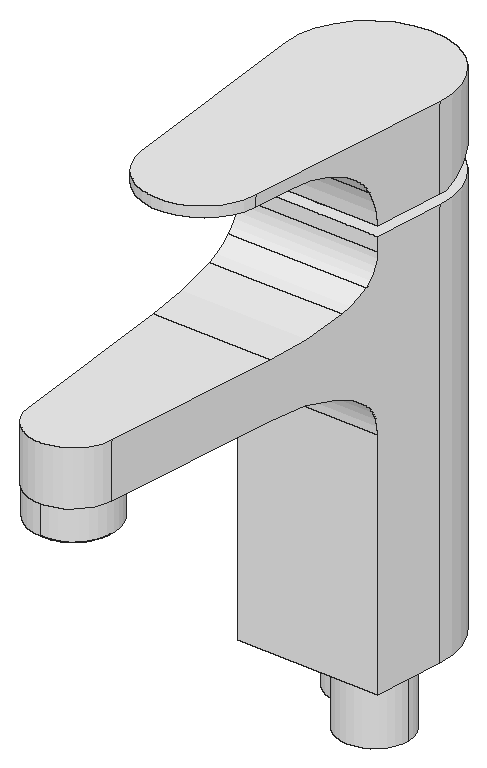
Revit family "Mixer-Basin-Dorf Viridian", category Plumbing Fixtures, host Face, Revit 2013
Parameters (values of type "Standard")
  Waste Connection = no
  Vent Connection = no
  URL = "http://www.dorf.com.au/"
  Type Comments = "Dorf Viridian Basin Mixer"  # constant formula
  ModifiedIssue_ANZRS = 1  # constant formula
  Model = "811010C5A"  # constant formula
  Material_ANZRS = Metal-Chrome-Caroma
  Manufacturer = "GWA Bathrooms & Kitchens"  # constant formula
  HWFU = 1  # constant formula
  HW Connection = yes
  Description = "WELS 5 Star rated, 6L/min"  # constant formula
  Default Elevation = 0 mm
  CreatedBy_ANZRS = "Design Content"  # constant formula
  CreatedByURL_ANZRS = "www.designcontent.com.au"
  Cost = 0
  Connector Radius = 10 mm
  CWFU = 1  # constant formula
  CW Connection = yes
  Assembly Code = "C1030210"
Reference planes
  plane 1 "Center (Front/Back)": y = 0
  plane 2: z = 0
  plane 3 "Center (Left/Right)": x = 0
Forms (mm)
  Extrusion 1, solid, material "Metal-Chrome-Caroma" <- "Material_ANZRS"
    sketch origin (14.2, 0, 0) x (1, 0, 0) y (0, 1, 0)
      loop
        circle (-7.071, -7.071) r 10
    from -20 to 0
  Extrusion 2, solid, material "Metal-Chrome-Caroma" <- "Material_ANZRS"
    sketch origin (-14.2, 0, 0) x (-1, 0, 0) y (0, -1, 0)
      loop
        circle (-7.071, -7.071) r 10
    from -20 to 0
  Extrusion 3, solid, material "Metal-Chrome-Caroma" <- "Material_ANZRS"
    sketch origin (0, 0, 0) x (1, 0, 0) y (0, 1, 0)
      loop
        arc (-12.189, -109.488) -> (0, -120.572) -> (12.189, -109.488) r 12.244
        line (12.189, -109.488) -> (22.401, -2.131)
        arc (22.401, -2.131) -> (0, 22.502) -> (-22.401, -2.131) r 22.502
        line (-22.401, -2.131) -> (-12.189, -109.488)
    from 0 to 120
  Extrusion 4, void
    sketch origin (0, 0, 0) x (0, 1, 0) y (0, 0, 1)
      loop
        line (-22.518, 0) -> (-22.518, 67.998)
        arc (-22.518, 67.998) -> (-23.734, 73.475) -> (-27.153, 77.923) r 12.944
        arc (-27.153, 77.923) -> (-31.158, 80.687) -> (-35.605, 82.663) r 26.208
        arc (-35.605, 82.663) -> (-46.416, 85.287) -> (-57.517, 86) r 64.026
        line (-57.517, 86) -> (-135.416, 86) -> (-135.416, 101.962) -> (-57.517, 101.962)
        arc (-57.517, 101.962) -> (-45.762, 102.512) -> (-34.141, 104.368) r 105.542
        arc (-34.141, 104.368) -> (-29.987, 105.793) -> (-26.274, 108.137) r 18.916
        arc (-26.274, 108.137) -> (-23.505, 111.643) -> (-22.518, 116) r 10.107
        line (-22.518, 116) -> (-22.518, 122.241) -> (-171.054, 122.241) -> (-171.054, 0) -> (-22.518, 0)
    from -100 to 100
  Extrusion 5, solid, material "Metal-Chrome-Caroma" <- "Material_ANZRS"
    sketch origin (0, 0, 0) x (1, 0, 0) y (0, 1, 0)
      loop
        arc (-16.671, -62.37) -> (0, -77.531) -> (16.671, -62.37) r 16.746
        line (16.671, -62.37) -> (22.401, -2.131)
        arc (22.401, -2.131) -> (0, 22.502) -> (-22.401, -2.131) r 22.502
        line (-22.401, -2.131) -> (-16.671, -62.37)
    from 122.955 to 147.01
  Extrusion 6, void
    sketch origin (0, 0, 0) x (0, 1, 0) y (0, 0, 1)
      loop
        line (-81.813, 143.988) -> (-81.813, 120.502) -> (23.699, 120.502) -> (23.699, 132.824) -> (-2.325, 122.044) -> (-22.518, 122.044) -> (-22.518, 122.955)
        arc (-22.518, 122.955) -> (-23.182, 127.89) -> (-25.127, 132.473) r 18.667
        arc (-25.127, 132.473) -> (-28.218, 136.384) -> (-32.234, 139.336) r 18.667
        arc (-32.234, 139.336) -> (-41.472, 142.915) -> (-51.32, 143.988) r 38.061
        line (-51.32, 143.988) -> (-81.813, 143.988)
    from -100 to 100
  Revolve 7, solid, material "Metal-Chrome-Caroma" <- "Material_ANZRS"
    sketch origin (0, 0, 0) x (0, 1, 0) y (0, 0, 1)
      loop
        line (0, 120) -> (18.877, 120)
        arc (18.877, 120) -> (17.563, 125.206) -> (14.845, 129.837) r 19
        line (14.845, 129.837) -> (0, 129.837) -> (0, 120)
      axis (0, 129.837) -> (0, 120)
    angle from 0 to 360
  Revolve 8, solid, material "Metal-Chrome-Caroma" <- "Material_ANZRS"
    sketch origin (0, 0, 0) x (0, 1, 0) y (0, 0, 1)
      loop
        line (-96.255, 86) -> (-108.255, 86) -> (-108.255, 76.7) -> (-96.932, 76.7) -> (-96.255, 77.216) -> (-96.255, 86)
      axis (-108.255, 86) -> (-108.255, 76.7)
    angle from 0 to 360
Cuts and joins
  Extrusion 4 cuts Extrusion 3
  Extrusion 6 cuts Extrusion 5
  joined: Extrusion 3, Extrusion 5, Revolve 7, Revolve 8
Lines and regions (mm)
  Masking region 1
    outline origin (0, 0, 0) x (1, 0, 0) y (0, 1, 0)
      loop
        line (-22.401, -2.131) -> (-12.189, -109.488)
        arc (-12.189, -109.488) -> (0, -120.572) -> (12.189, -109.488) r 12.244
        line (12.189, -109.488) -> (22.401, -2.131)
        arc (22.401, -2.131) -> (0, 22.502) -> (-22.401, -2.131) r 22.502
  Masking region 2
    outline origin (0, 0, 0) x (0, 1, 0) y (0, 0, 1)
      loop
        line (-22.518, 0) -> (22.502, 0) -> (22.502, 120) -> (18.877, 120)
        arc (18.877, 120) -> (17.757, 124.933) -> (15.242, 129.321) r 17.069
        line (15.242, 129.321) -> (22.502, 132.328) -> (22.502, 147.01) -> (-77.531, 147.01) -> (-77.531, 143.988) -> (-49.648, 143.988)
        arc (-49.648, 143.988) -> (-40.662, 142.708) -> (-32.234, 139.336) r 38.061
        arc (-32.234, 139.336) -> (-28.4, 136.557) -> (-25.388, 132.902) r 18.667
        arc (-25.388, 132.902) -> (-23.25, 128.131) -> (-22.518, 122.955) r 18.667
        line (-22.518, 122.955) -> (-18.393, 122.955)
        arc (-18.393, 122.955) -> (-18.7, 121.488) -> (-18.877, 120) r 17.069
        line (-18.877, 120) -> (-22.518, 120) -> (-22.518, 116)
        arc (-22.518, 116) -> (-23.505, 111.643) -> (-26.274, 108.137) r 10.107
        arc (-26.274, 108.137) -> (-29.987, 105.793) -> (-34.141, 104.368) r 18.916
        arc (-34.141, 104.368) -> (-45.762, 102.512) -> (-57.517, 101.962) r 105.542
        line (-57.517, 101.962) -> (-120.572, 101.962) -> (-120.572, 86) -> (-120.255, 77.216) -> (-119.578, 76.7) -> (-96.932, 76.7) -> (-96.255, 77.216) -> (-96.255, 86) -> (-57.517, 86)
        arc (-57.517, 86) -> (-46.416, 85.287) -> (-35.605, 82.663) r 64.026
        arc (-35.605, 82.663) -> (-31.158, 80.687) -> (-27.153, 77.923) r 26.208
        arc (-27.153, 77.923) -> (-23.734, 73.475) -> (-22.518, 67.998) r 12.944
        line (-22.518, 67.998) -> (-22.518, 0)
  Masking region 3
    outline origin (0, 0, 0) x (1, 0, 0) y (0, 0, 1)
      loop
        line (-22.502, 0) -> (22.502, 0) -> (22.502, 120) -> (18.877, 120)
        arc (18.877, 120) -> (18.65, 121.487) -> (18.324, 122.955) r 22.426
        line (18.324, 122.955) -> (22.502, 122.955) -> (22.502, 147.01) -> (-22.502, 147.01) -> (-22.502, 122.955) -> (-18.324, 122.955)
        arc (-18.324, 122.955) -> (-18.65, 121.487) -> (-18.877, 120) r 22.426
        line (-18.877, 120) -> (-22.502, 120) -> (-22.502, 0)
  symbolic lines
    curve 1: arc (-16.671, -62.37, 0) -> (0, -77.531, 0) -> (16.671, -62.37, 0) r 16.746
    curve 2: line (0, 22.502, 120) -> (0, -22.518, 120)
    curve 3: line (0, 22.336, 132.259) -> (0, -0.126, 122.955)
    curve 4: line (0, -22.518, 122.955) -> (0, -0.126, 122.955)
    curve 5: line (0, -57.517, 86) -> (0, -120.572, 86)
    curve 6: line (0, -120.255, 77.216) -> (0, -96.255, 77.216)
    curve 7: line (-20.461, 0, 0) -> (-20.461, 0, 68.075)
    curve 8: spline (-20.461, 0, 68.075) -> (-20.458, 0, 69.009) -> (-20.447, 0, 69.939) -> (-20.431, 0, 70.858) -> (-20.408, 0, 71.762) -> (-20.379, 0, 72.646) -> (-20.344, 0, 73.506) -> (-20.304, 0, 74.337) -> (-20.257, 0, 75.135) -> (-20.206, 0, 75.895) -> (-20.149, 0, 76.614) -> (-20.088, 0, 77.288) -> (-20.022, 0, 77.913)
    curve 9: spline (-20.022, 0, 77.913) -> (-19.962, 0, 78.426) -> (-19.9, 0, 78.919) -> (-19.837, 0, 79.392) -> (-19.773, 0, 79.844) -> (-19.707, 0, 80.274) -> (-19.64, 0, 80.683) -> (-19.572, 0, 81.07) -> (-19.503, 0, 81.435) -> (-19.433, 0, 81.777) -> (-19.362, 0, 82.095) -> (-19.29, 0, 82.391) -> (-19.217, 0, 82.662)
    curve 10: spline (-19.217, 0, 82.662) -> (-19.049, 0, 83.23) -> (-18.879, 0, 83.746) -> (-18.708, 0, 84.21) -> (-18.536, 0, 84.622) -> (-18.363, 0, 84.981) -> (-18.188, 0, 85.287) -> (-18.013, 0, 85.54) -> (-17.838, 0, 85.739) -> (-17.662, 0, 85.885) -> (-17.486, 0, 85.977) -> (-17.309, 0, 86.016) -> (-17.132, 0, 86)
    curve 11: line (17.132, 0, 86) -> (-17.132, 0, 86)
    curve 12: spline (17.132, 0, 86) -> (17.309, 0, 86.016) -> (17.486, 0, 85.977) -> (17.662, 0, 85.885) -> (17.838, 0, 85.739) -> (18.013, 0, 85.54) -> (18.188, 0, 85.287) -> (18.363, 0, 84.981) -> (18.536, 0, 84.622) -> (18.708, 0, 84.21) -> (18.879, 0, 83.746) -> (19.049, 0, 83.23) -> (19.217, 0, 82.662)
    curve 13: spline (19.217, 0, 82.662) -> (19.29, 0, 82.391) -> (19.362, 0, 82.095) -> (19.433, 0, 81.777) -> (19.503, 0, 81.435) -> (19.572, 0, 81.07) -> (19.64, 0, 80.683) -> (19.707, 0, 80.274) -> (19.773, 0, 79.844) -> (19.837, 0, 79.392) -> (19.9, 0, 78.919) -> (19.962, 0, 78.426) -> (20.022, 0, 77.913)
    curve 14: spline (20.022, 0, 77.913) -> (20.088, 0, 77.288) -> (20.149, 0, 76.614) -> (20.206, 0, 75.895) -> (20.257, 0, 75.135) -> (20.304, 0, 74.337) -> (20.344, 0, 73.506) -> (20.379, 0, 72.646) -> (20.408, 0, 71.762) -> (20.431, 0, 70.858) -> (20.447, 0, 69.939) -> (20.458, 0, 69.009) -> (20.461, 0, 68.075)
    curve 15: line (20.461, 0, 68.075) -> (20.461, 0, 0)
    curve 16: line (0, 0, 76.7) -> (-11.323, 0, 76.7)
    curve 17: line (11.323, 0, 76.7) -> (0, 0, 76.7)
    curve 18: line (-17.132, 0, 101.962) -> (17.132, 0, 101.962)
    curve 19: spline (-17.132, 0, 101.962) -> (-17.319, 0, 101.963) -> (-17.506, 0, 102) -> (-17.692, 0, 102.073) -> (-17.879, 0, 102.183) -> (-18.065, 0, 102.33) -> (-18.251, 0, 102.512) -> (-18.436, 0, 102.732) -> (-18.621, 0, 102.987) -> (-18.806, 0, 103.279) -> (-18.99, 0, 103.606) -> (-19.173, 0, 103.97) -> (-19.356, 0, 104.369)
    curve 20: spline (-19.356, 0, 104.369) -> (-19.424, 0, 104.539) -> (-19.491, 0, 104.736) -> (-19.558, 0, 104.961) -> (-19.623, 0, 105.213) -> (-19.688, 0, 105.491) -> (-19.752, 0, 105.796) -> (-19.814, 0, 106.126) -> (-19.875, 0, 106.482) -> (-19.935, 0, 106.862) -> (-19.993, 0, 107.267) -> (-20.05, 0, 107.695) -> (-20.105, 0, 108.146)
    curve 21: spline (-20.105, 0, 108.146) -> (-20.158, 0, 108.634) -> (-20.208, 0, 109.163) -> (-20.254, 0, 109.729) -> (-20.296, 0, 110.329) -> (-20.333, 0, 110.96) -> (-20.366, 0, 111.618) -> (-20.395, 0, 112.301) -> (-20.418, 0, 113.003) -> (-20.437, 0, 113.722) -> (-20.45, 0, 114.454) -> (-20.458, 0, 115.194) -> (-20.461, 0, 115.938)
    curve 22: line (-20.461, 0, 115.938) -> (-20.461, 0, 120)
    curve 23: line (20.461, 0, 120) -> (20.461, 0, 115.938)
    curve 24: spline (20.461, 0, 115.938) -> (20.458, 0, 115.194) -> (20.45, 0, 114.454) -> (20.437, 0, 113.722) -> (20.418, 0, 113.003) -> (20.395, 0, 112.301) -> (20.366, 0, 111.618) -> (20.333, 0, 110.96) -> (20.296, 0, 110.329) -> (20.254, 0, 109.729) -> (20.208, 0, 109.163) -> (20.158, 0, 108.634) -> (20.105, 0, 108.146)
    curve 25: spline (20.105, 0, 108.146) -> (20.05, 0, 107.695) -> (19.993, 0, 107.267) -> (19.935, 0, 106.862) -> (19.875, 0, 106.482) -> (19.814, 0, 106.126) -> (19.752, 0, 105.796) -> (19.688, 0, 105.491) -> (19.623, 0, 105.213) -> (19.558, 0, 104.961) -> (19.491, 0, 104.736) -> (19.424, 0, 104.539) -> (19.356, 0, 104.369)
    curve 26: spline (19.356, 0, 104.369) -> (19.173, 0, 103.97) -> (18.99, 0, 103.606) -> (18.806, 0, 103.279) -> (18.621, 0, 102.987) -> (18.436, 0, 102.732) -> (18.251, 0, 102.512) -> (18.065, 0, 102.33) -> (17.879, 0, 102.183) -> (17.692, 0, 102.073) -> (17.506, 0, 102) -> (17.319, 0, 101.963) -> (17.132, 0, 101.962)
    curve 27: line (22.502, 0, 120) -> (-22.502, 0, 120)
    curve 28: line (-22.501, 0, 122.955) -> (22.501, 0, 122.955)
    curve 29: spline (-20.461, 0, 122.955) -> (-20.46, 0, 123.821) -> (-20.454, 0, 124.685) -> (-20.444, 0, 125.545) -> (-20.431, 0, 126.4) -> (-20.414, 0, 127.247) -> (-20.393, 0, 128.084) -> (-20.369, 0, 128.911) -> (-20.341, 0, 129.725) -> (-20.309, 0, 130.524) -> (-20.274, 0, 131.307) -> (-20.235, 0, 132.071) -> (-20.194, 0, 132.816)
    curve 30: spline (-20.194, 0, 132.816) -> (-20.152, 0, 133.486) -> (-20.108, 0, 134.137) -> (-20.061, 0, 134.767) -> (-20.011, 0, 135.375) -> (-19.96, 0, 135.96) -> (-19.905, 0, 136.522) -> (-19.849, 0, 137.058) -> (-19.791, 0, 137.569) -> (-19.73, 0, 138.053) -> (-19.668, 0, 138.508) -> (-19.604, 0, 138.936) -> (-19.538, 0, 139.334)
    curve 31: spline (-19.538, 0, 139.334) -> (-19.398, 0, 140.096) -> (-19.255, 0, 140.794) -> (-19.109, 0, 141.426) -> (-18.961, 0, 141.991) -> (-18.811, 0, 142.487) -> (-18.659, 0, 142.915) -> (-18.505, 0, 143.272) -> (-18.35, 0, 143.558) -> (-18.194, 0, 143.773) -> (-18.037, 0, 143.917) -> (-17.879, 0, 143.988) -> (-17.722, 0, 143.988)
    curve 32: line (17.722, 0, 143.988) -> (-17.722, 0, 143.988)
    curve 33: spline (17.722, 0, 143.988) -> (17.879, 0, 143.988) -> (18.037, 0, 143.917) -> (18.194, 0, 143.773) -> (18.35, 0, 143.558) -> (18.505, 0, 143.272) -> (18.659, 0, 142.915) -> (18.811, 0, 142.487) -> (18.961, 0, 141.991) -> (19.109, 0, 141.426) -> (19.255, 0, 140.794) -> (19.398, 0, 140.096) -> (19.538, 0, 139.334)
    curve 34: spline (19.538, 0, 139.334) -> (19.604, 0, 138.936) -> (19.668, 0, 138.508) -> (19.73, 0, 138.053) -> (19.791, 0, 137.569) -> (19.849, 0, 137.058) -> (19.905, 0, 136.522) -> (19.96, 0, 135.96) -> (20.011, 0, 135.375) -> (20.061, 0, 134.767) -> (20.108, 0, 134.137) -> (20.152, 0, 133.486) -> (20.194, 0, 132.816)
    curve 35: spline (20.194, 0, 132.816) -> (20.235, 0, 132.071) -> (20.274, 0, 131.307) -> (20.309, 0, 130.524) -> (20.341, 0, 129.725) -> (20.369, 0, 128.911) -> (20.393, 0, 128.084) -> (20.414, 0, 127.247) -> (20.431, 0, 126.4) -> (20.444, 0, 125.545) -> (20.454, 0, 124.685) -> (20.46, 0, 123.821) -> (20.461, 0, 122.955)
    curve 36: line (-12, 0, 77.216) -> (-12, 0, 86)
    curve 37: line (12, 0, 77.216) -> (12, 0, 86)
    curve 38: line (12, 0, 77.216) -> (-12, 0, 77.216)
    curve 39: line (-12, 0, 77.216) -> (-11.323, 0, 76.7)
    curve 40: line (11.323, 0, 76.7) -> (12, 0, 77.216)
Dimensions and locks
  aligned and locked: plane 2 to host face
  aligned and locked: level to host face
Connectors
  piping at (7.129, -7.071, -20), driven by "Connector Radius", driven by "CWFU"
    settings: on Extrusion 1, index 3, connector radius 0.3937", flow factor 0, pipe flow 0 GPM, pressure drop 0.00 psi, fitting loss kfactor 0, connector angle 0.00°, fixture units 1, engagement length 0 mm, flow configuration 3, flow direction 1, fitting loss method 1, system type 20, joint type 0, gender type 0, connector reference index -1, connector utility 0, adjustable connector no, is connector primary yes, fitting loss table "Inward Projecting Pipe", connector description "Cold Inlet"
  piping at (-7.129, 7.071, -20), driven by "Connector Radius", driven by "HWFU"
    settings: on Extrusion 2, index 4, connector radius 0.3937", flow factor 0, pipe flow 0 GPM, pressure drop 0.00 psi, fitting loss kfactor 0, connector angle 0.00°, fixture units 1, engagement length 0 mm, flow configuration 3, flow direction 1, fitting loss method 1, system type 19, joint type 0, gender type 0, connector reference index -1, connector utility 0, adjustable connector no, is connector primary no, fitting loss table "Inward Projecting Pipe", connector description "Hot Inlet"
